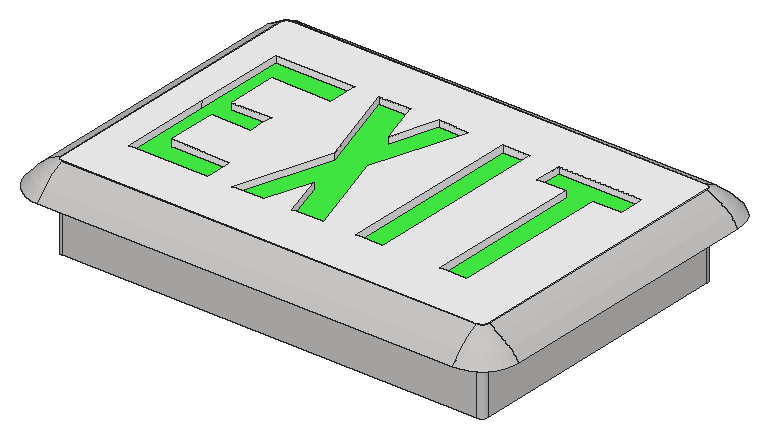
Revit family "SERS", category Lighting Fixtures, host Face, Revit 2021
Family settings
  Host = Face
  Round Connector Dimension = Use Diameter
  Part Type = Normal
  OmniClass Number = 23.80.70.11.21
  OmniClass Title = Emergency Lighting
  Cut with Voids When Loaded = No
  Light Source = No
  Shared = No
  Room Calculation Point = No
Parameters (values of type "SERS-G")
  zz Length 1 [instance] = if(Single Face, 0.200", 0.250")  # 0.200"
  Watts = 2.6 W
  Wattage Comments = "2.6W"
  Warranty = "Fixture: 5 Years Full\r\nBattery: 2 Years Full, 8 Years Pro-Rata\r"  # constant formula
  Wall Plate Material = Steel
  Voltage [instance] = if(Is 120VAC, 120 V, 277 V)  # 120 V
  URL = "https://www.currentlighting.com/dual-lite"
  Type Comments = "Exit Light"  # constant formula
  Single Face = yes
  Product Page URL = ""
  Product Documentation Link = ""
  Model = "SEMR"
  Manufacturer = "DUAL-LITE"  # constant formula
  Load Classification = Lighting
  Lens = Green Glass
  Lamp = "LED Lamp"  # constant formula
  Is 277VAC [instance] = not(Is 120VAC)  # no
  Is 120VAC [instance] = yes
  Holder Material = Steel
  Glass = light Glass
  Finish = White
  Features = "The Sempra Recessed series is a compact, low profile, recessed exit\r\nsign. Its two-part design includes exit and rough-in back box make\r\nfor fast, easy installation. It comes with red or green letters, break-out\r\nchevron directional arrows and a variety of colors including: textured\r\nwhite, white with brushed aluminum face, black or black with brushed\r\naluminum face."  # constant formula
  Double Face = yes
  Description = "Recessed exit sign construction is of high-strength cast aluminum in a choice of textured white, white with brushed face, black or black with brushed face finish."  # constant formula
  Default Elevation = 48.000"
  Copyright = "© Dual Lite"
  Certification = "UL 924 Listed\r\nNFPA 101 Life Safety Code\r\nCEC T20 Compliant"  # constant formula
  Application = "The Sempra Recessed series is a compact, low profile, recessed exit\r\nsign. Its two-part design includes exit and rough-in back box make\r\nfor fast, easy installation. It comes with red or green letters, break-out\r\nchevron directional arrows and a variety of colors including: textured\r\nwhite, white with brushed aluminum face, black or black with brushed\r\naluminum face. "  # constant formula
  Apparent Load = Watts  # 2.6 VA
Types (2): name | Lens
  SERS-G | Green Glass
  SERS-R | Red Glass
Reference planes (in)
  plane 1 "Center (Front/Back)": y = 0
  plane 2: z = 0
  plane 3 "Center (Left/Right)": x = 0
  plane 4: z = 0.62992
  plane 5: x = -6.181
  plane 6: x = 6.181
  plane 7: y = 4.25
  plane 8: y = -4.25
  plane 9: z = -1.5
Forms (in)
  Extrusion 1, solid, material "White" <- "Finish"
    sketch origin (0, 0, 0) x (1, 0, 0) y (0, 1, 0)
      loop
        arc (-5.24256, 3.61932) -> (-5.3548, 3.57283) -> (-5.40129, 3.46059) r 0.15873
        line (-5.40129, 3.46059) -> (-5.40129, -3.46059)
        arc (-5.40129, -3.46059) -> (-5.3548, -3.57283) -> (-5.24256, -3.61932) r 0.15873
        line (-5.24256, -3.61932) -> (5.24256, -3.61932)
        arc (5.24256, -3.61932) -> (5.3548, -3.57283) -> (5.40129, -3.46059) r 0.15873
        line (5.40129, -3.46059) -> (5.40129, 3.46059)
        arc (5.40129, 3.46059) -> (5.3548, 3.57283) -> (5.24256, 3.61932) r 0.15873
        line (5.24256, 3.61932) -> (-5.24256, 3.61932)
    from 0.46387 to 0.63
  Sweep 2, solid, material "Steel" <- "Wall Plate Material"
    path in 3D
      loop
        arc (-5.40129, -3.46059, 0.63) -> (-5.3548, -3.57283, 0.63) -> (-5.24256, -3.61932, 0.63) r 0.15873
        line (-5.24256, -3.61932, 0.63) -> (5.24256, -3.61932, 0.63)
        arc (5.24256, -3.61932, 0.63) -> (5.3548, -3.57283, 0.63) -> (5.40129, -3.46059, 0.63) r 0.15873
        line (5.40129, -3.46059, 0.63) -> (5.40129, 3.46059, 0.63)
        arc (5.40129, 3.46059, 0.63) -> (5.3548, 3.57283, 0.63) -> (5.24256, 3.61932, 0.63) r 0.15873
        line (5.24256, 3.61932, 0.63) -> (-5.24256, 3.61932, 0.63)
        arc (-5.24256, 3.61932, 0.63) -> (-5.3548, 3.57283, 0.63) -> (-5.40129, 3.46059, 0.63) r 0.15873
        line (-5.40129, 3.46059, 0.63) -> (-5.40129, -3.46059, 0.63)
    profile origin (-5.40129, 0, 0.63) x (1, 0, 0) y (0, 0, 1)
      loop
        arc (0, 0) -> (-0.43237, -0.26238) -> (-0.77971, -0.63) r 1.89067
        line (-0.77971, -0.63) -> (0, -0.63) -> (0, 0)
  Extrusion 3, void
    sketch origin (0, 0, 0) x (0, 1, 0) y (1, 0, 0)
      loop
        line (2.32082, -2.61391) -> (1.57082, -2.61391) -> (1.57082, -4.11391) -> (0.32082, -4.11391) -> (0.32082, -3.11391) -> (0, -3.11391) -> (-0.32082, -3.11391) -> (-0.32082, -4.11391) -> (-1.57082, -4.11391) -> (-1.57082, -2.61391) -> (-2.32082, -2.61391) -> (-2.32082, -4.61391) -> (0, -4.61391) -> (2.32082, -4.61391) -> (2.32082, -2.61391)
      loop
        line (2.32082, -1.98891) -> (2.32082, -1.18921) -> (1.18794, -0.83564) -> (2.32082, -0.48206) -> (2.32082, 0.31764) -> (0, -0.40669) -> (-2.32082, 0.31764) -> (-2.32082, -0.48206) -> (-1.18794, -0.83564) -> (-2.32082, -1.18921) -> (-2.32082, -1.98891) -> (0, -1.26458) -> (2.32082, -1.98891)
      loop
        line (2.32082, 1.14386) -> (2.32082, 1.82098) -> (-2.32082, 1.82098) -> (-2.32082, 1.14386) -> (2.32082, 1.14386)
      loop
        line (-2.32082, 3.26886) -> (1.66144, 3.26886) -> (1.66144, 2.5366) -> (2.33856, 2.5366) -> (2.33856, 4.67825) -> (1.66144, 4.67825) -> (1.66144, 3.94598) -> (-2.32082, 3.94598) -> (-2.32082, 3.26886)
    from -0.79033 to -0.46387
  Extrusion 4, solid, material "Green Glass" <- "Lens"
    sketch origin (0, 0, 0) x (1, 0, 0) y (0, 1, 0)
      loop
        line (5.24256, 3.61932) -> (-5.24256, 3.61932)
        arc (-5.24256, 3.61932) -> (-5.3548, 3.57283) -> (-5.40129, 3.46059) r 0.15873
        line (-5.40129, 3.46059) -> (-5.40129, -3.46059)
        arc (-5.40129, -3.46059) -> (-5.3548, -3.57283) -> (-5.24256, -3.61932) r 0.15873
        line (-5.24256, -3.61932) -> (5.24256, -3.61932)
        arc (5.24256, -3.61932) -> (5.3548, -3.57283) -> (5.40129, -3.46059) r 0.15873
        line (5.40129, -3.46059) -> (5.40129, 3.46059)
        arc (5.40129, 3.46059) -> (5.3548, 3.57283) -> (5.24256, 3.61932) r 0.15873
    from 0 to 0.46387
  Extrusion 5, solid, material "Steel" <- "Wall Plate Material"
    sketch origin (0, 0, 0) x (1, 0, 0) y (0, 1, 0)
      loop
        line (5.24256, 3.61932) -> (-5.24256, 3.61932)
        arc (-5.24256, 3.61932) -> (-5.3548, 3.57283) -> (-5.40129, 3.46059) r 0.15873
        line (-5.40129, 3.46059) -> (-5.40129, -3.46059)
        arc (-5.40129, -3.46059) -> (-5.3548, -3.57283) -> (-5.24256, -3.61932) r 0.15873
        line (-5.24256, -3.61932) -> (5.24256, -3.61932)
        arc (5.24256, -3.61932) -> (5.3548, -3.57283) -> (5.40129, -3.46059) r 0.15873
        line (5.40129, -3.46059) -> (5.40129, 3.46059)
        arc (5.40129, 3.46059) -> (5.3548, 3.57283) -> (5.24256, 3.61932) r 0.15873
    from -1.5 to 0.10372
Cuts and joins
  Extrusion 3 cuts Extrusion 1
Lines and regions (in)
  sketch lines
    curve 1: line (-5.40129, 3.46059, 0.63) -> (-5.40129, -3.46059, 0.63)
    curve 2: arc (-5.40129, 3.46059, 0.63) -> (-5.3548, 3.57283, 0.63) -> (-5.24256, 3.61932, 0.63) r 0.15873
    curve 3: line (5.40129, -3.46059, 0.63) -> (5.40129, 3.46059, 0.63)
    curve 4: line (5.24256, 3.61932, 0.63) -> (-5.24256, 3.61932, 0.63)
    curve 5: arc (5.24256, 3.61932, 0.63) -> (5.3548, 3.57283, 0.63) -> (5.40129, 3.46059, 0.63) r 0.15873
    curve 6: line (-5.24256, -3.61932, 0.63) -> (5.24256, -3.61932, 0.63)
    curve 7: arc (5.40129, -3.46059, 0.63) -> (5.3548, -3.57283, 0.63) -> (5.24256, -3.61932, 0.63) r 0.15873
    curve 8: arc (-5.24256, -3.61932, 0.63) -> (-5.3548, -3.57283, 0.63) -> (-5.40129, -3.46059, 0.63) r 0.15873
Dimensions and locks (in)
  aligned and locked: plane 2 to host face
  aligned and locked: level to host face
Connectors (in)
  electrical at (0, 0, 0)
    settings: on Sweep 2, index 1, voltage 120 V, apparent load 0 VA, apparent load phase1 0 VA, apparent load phase2 0 VA, apparent load phase3 0 VA, power factor 1, load classification "Other", number of poles 1, system type 30, power factor state 1, is connector primary yes, connector utility no, sub classification motor no, connector description "Lighting Connector"
